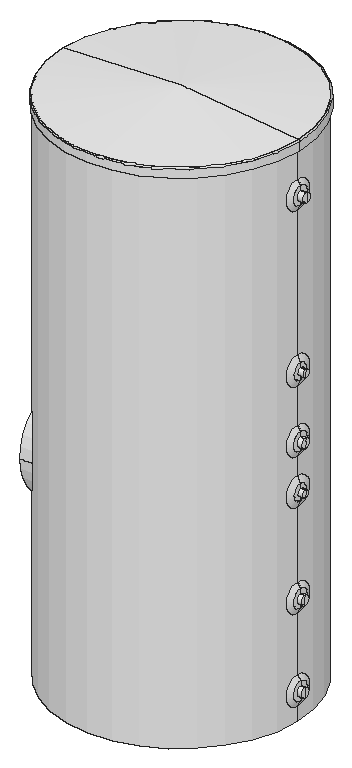
Revit family "WST-300-5B", category Specialty Equipment, Revit 2016
Family settings
  Part Type = Normal
  Round Connector Dimension = Use Diameter
  Work Plane-Based = No
  Always vertical = Yes
  Cut with Voids When Loaded = No
  Shared = No
  Room Calculation Point = No
Parameters (values of type "WST 300-5B")
  Versión = "1.0"  # constant formula
  URL = "www.bosch-thermotechnology.com/es/es/comercial-e-industrial/ocs/stora-w-st--5-742030-p"
  Tª máxima agua caliente = "95 ºC"
  Tiempo calentamiento con potencia nominal = "12 min"
  Temperatura máxima intercambiador = "160 ºC"
  Superficie intercambiador = "1,3 m2"
  Radio sonda = 19 mm / 2  # 9.5 mm
  Radio salida agua caliente = 25.4 mm / 2  # 12.7 mm
  Radio retorno acumulador = 12.5 mm
  Radio puerta = A Radio_deposito + 10 mm  # 345 mm
  Radio entrada agua fría = 25.4 mm / 2  # 12.7 mm
  Radio circulación = 19.1 mm / 2  # 9.55 mm
  Radio Impulsión acumulador = 25.4 mm / 2  # 12.7 mm
  Presión nominal máxima = "7,8 bar"
  Presión máxima intercambiador = "16 bar"
  Presión de servicio máxima del agua potable = "10 bar"
  Presión de prueba máxima del agua caliente = "10 bar"
  Potencia máxima de calentamiento = "36,5 kW"
  Potencia continua (80ºC imp./45ºC salida ACS/10ºC Suministro) = "36,5 kW"
  PlasticArea = Bosch_160-160-160
  Peso en vacío = "105 kg"
  Model = "WST 300-5B"
  Manufacturer = "BOSCH"  # constant formula
  J = 1850 mm
  I = 1355 mm
  H = 903 mm
  G = 722 mm
  F = 318 mm
  E = 80 mm
  Description = "Interacumulador de agua caliente sanitaria de 300 litros de capacidad, modelo WST 300-5B"
  D Altura tanque = 1495 mm
  Contenido intercambiador = "8,8 l"
  Contenido = "300 l"
  Consumo térmico según DIN 4753 = "1,94 kWh/24 h"
  Conexión recirculación = "R3/4\""
  Conexión agua fría = "R1\""
  Conexión agua caliente = "R1\""
  Clase de eficiencia energética de caldeo = "B"
  Caudal máximo entrada agua fría = "30 l/min"
  Autor = "6d ingenieros"  # constant formula
  Agua caliente útil Tª salida 45 ºC = "429 l"
  Agua caliente útil Tª salida 40ºC = "500 l"
  A Radio_deposito = 335 mm
  C Altura patas [instance] = 10 mm
Reference planes
  plane 1 "Center (Front/Back)": y = 0
  plane 2: z = 0
  plane 3 "Center (Left/Right)": x = 0
  plane 4: z = 10
  plane 5: z = 1365
  plane 6: z = 913
  plane 7: z = 732
  plane 8: z = 328
  plane 9: z = 90
  plane 10: z = 1850
Forms (mm)
  Extrusion 1, solid, material "Bosch_240-240-240"
    sketch origin (0, 0, 0) x (1, 0, 0) y (0, 1, 0)
      loop
        circle (0, 0) r 335
    from 10 to 1505
  Revolve 2, solid, material "Bosch_240-240-240"
    sketch origin (0, 0, 0) x (1, 0, 0) y (0, 0, 1)
      loop
        line (334.975, 103.666) -> (342.475, 103.666) -> (342.475, 115.2) -> (334.975, 130) -> (334.975, 103.666)
      loop
        line (334.975, 102.7) -> (334.975, 90) -> (355.478, 90) -> (355.478, 102.7) -> (334.975, 102.7)
      axis (334.975, 90) -> (355.478, 90)
    angle from 0 to 360
  Revolve 3, solid, material "Bosch_240-240-240"
    sketch origin (0, 0, 238) x (1, 0, 0) y (0, 0, 1)
      loop
        line (334.975, 103.466) -> (342.475, 103.466) -> (342.475, 115) -> (334.975, 130) -> (334.975, 103.466)
      loop
        line (334.975, 102.5) -> (334.975, 90) -> (355.478, 90) -> (355.478, 102.5) -> (334.975, 102.5)
      axis (334.975, 90) -> (355.478, 90)
    angle from 0 to 360
  Revolve 4, solid, material "Bosch_240-240-240"
    sketch origin (0, 0, 642) x (1, 0, 0) y (0, 0, 1)
      loop
        line (334.975, 103.666) -> (342.475, 103.666) -> (342.475, 115.2) -> (334.975, 130) -> (334.975, 103.666)
      loop
        line (334.975, 102.7) -> (334.975, 90) -> (357.62, 90) -> (357.62, 102.7) -> (334.975, 102.7)
      axis (334.975, 90) -> (357.62, 90)
    angle from 0 to 360
  Revolve 5, solid, material "Bosch_240-240-240"
    sketch origin (0, 0, 823) x (1, 0, 0) y (0, 0, 1)
      loop
        line (334.975, 100.516) -> (342.475, 100.516) -> (342.475, 112.05) -> (334.975, 130) -> (334.975, 100.516)
      loop
        line (334.975, 99.55) -> (334.975, 90) -> (358.691, 90) -> (358.691, 99.55) -> (334.975, 99.55)
      axis (334.975, 90) -> (358.691, 90)
    angle from 0 to 360
  Revolve 6, solid, material "Bosch_240-240-240"
    sketch origin (0, 0, 1275) x (1, 0, 0) y (0, 0, 1)
      loop
        line (334.975, 103.666) -> (342.475, 103.666) -> (342.475, 115.2) -> (334.975, 130) -> (334.975, 103.666)
      loop
        line (334.975, 102.7) -> (334.975, 90) -> (359.611, 90) -> (359.611, 102.7) -> (334.975, 102.7)
      axis (334.975, 90) -> (359.611, 90)
    angle from 0 to 360
  Revolve 7, solid, material "Bosch_240-240-240"
    sketch origin (0, 0, 0) x (1, 0, 0) y (0, 0, 1)
      loop
        line (0, 1479.681) -> (340, 1479.681) -> (340, 1502.378)
        arc (340, 1502.378) -> (339.153, 1504.632) -> (337.032, 1505.771) r 3.423
        arc (337.032, 1505.771) -> (168.891, 1522.861) -> (0, 1529.146) r 2637.089
        line (0, 1529.146) -> (0, 1479.681)
      axis (0, 1479.681) -> (0, 1529.146)
    angle from 0 to 360
  Extrusion 8, solid, material "Bosch_240-240-240"
    sketch origin (0, 0, 0) x (1, 0, 0) y (0, 1, 0)
      loop
        circle (-170, 0) r 40
      loop
        circle (83.75, 145.059) r 40
      loop
        circle (83.75, -145.059) r 40
    from 0 to 10
  Extrusion 9, solid, material "Bosch_160-160-160" <- "PlasticArea"
    sketch origin (-306.159, -1695.913, -1672.36) x (-0.00451, -0.000031, 0.99999) y (-0.006964, 0.999976, 0)
      loop
        circle (2915.573, 1756.393) r 16.5
      loop
        circle (2915.573, 1756.393) r 14.5
      loop
        arc (2925.722, 1762.795) -> (2915.573, 1768.393) -> (2905.424, 1762.795) r 12
        arc (2905.424, 1762.795) -> (2905.409, 1762.287) -> (2905.846, 1762.028) r 0.5
        line (2905.846, 1762.028) -> (2910.621, 1762.028) -> (2910.621, 1750.856) -> (2905.784, 1750.856)
        arc (2905.784, 1750.856) -> (2905.348, 1750.6) -> (2905.359, 1750.094) r 0.5
        arc (2905.359, 1750.094) -> (2915.573, 1744.393) -> (2925.787, 1750.094) r 12
        arc (2925.787, 1750.094) -> (2925.798, 1750.6) -> (2925.361, 1750.856) r 0.5
        line (2925.361, 1750.856) -> (2920.525, 1750.856) -> (2920.525, 1762.028) -> (2925.3, 1762.028)
        arc (2925.3, 1762.028) -> (2925.737, 1762.287) -> (2925.722, 1762.795) r 0.5
      loop
        line (2918.025, 1750.856) -> (2918.025, 1762.028) -> (2912.871, 1762.028) -> (2912.871, 1750.856) -> (2918.025, 1750.856)
      loop
        line (2909.206, 1764.114) -> (2921.958, 1764.114)
        arc (2921.958, 1764.114) -> (2915.582, 1766.408) -> (2909.206, 1764.114) r 10.01
      loop
        arc (2909.115, 1748.734) -> (2915.552, 1746.391) -> (2921.988, 1748.734) r 10.015
        line (2921.988, 1748.734) -> (2909.115, 1748.734)
      loop
        line (2904.189, 1723.669) -> (2904.189, 1711.064)
        arc (2904.189, 1711.064) -> (2908.987, 1705.609) -> (2915.01, 1709.671) r 5.5
        arc (2915.01, 1709.671) -> (2915.449, 1710.042) -> (2915.948, 1709.754) r 0.5
        arc (2915.948, 1709.754) -> (2922.122, 1706.692) -> (2926.439, 1712.064) r 5.5
        line (2926.439, 1712.064) -> (2926.439, 1723.669) -> (2904.189, 1723.669)
      loop
        line (2904.189, 1626.169) -> (2926.439, 1626.169) -> (2926.439, 1631.064) -> (2917.692, 1631.064) -> (2917.692, 1638.064) -> (2926.439, 1638.064) -> (2926.439, 1643.564) -> (2904.189, 1643.564) -> (2904.189, 1638.064) -> (2913.692, 1638.064) -> (2913.692, 1631.064) -> (2904.189, 1631.064) -> (2904.189, 1626.169)
      loop
        line (2921.692, 1718.564) -> (2917.692, 1718.564) -> (2917.692, 1714.064)
        arc (2917.692, 1714.064) -> (2919.692, 1712.064) -> (2921.692, 1714.064) r 2
        line (2921.692, 1714.064) -> (2921.692, 1718.564)
      loop
        line (2913.692, 1718.564) -> (2908.689, 1718.564) -> (2908.689, 1714.064)
        arc (2908.689, 1714.064) -> (2911.191, 1711.562) -> (2913.692, 1714.064) r 2.501
        line (2913.692, 1714.064) -> (2913.692, 1718.564)
      loop
        line (2918.904, 1650.377) -> (2921.767, 1645.947)
        spline (2921.767, 1645.947) -> (2924.895, 1649.011) -> (2926.367, 1652.953) -> (2925.927, 1657.092) -> (2923.653, 1660.713) -> (2919.937, 1663.189) -> (2915.422, 1664.093) -> (2910.888, 1663.267) -> (2907.119, 1660.856) -> (2904.768, 1657.276) -> (2904.239, 1653.145) -> (2905.626, 1649.178) -> (2908.687, 1646.061)
        line (2908.687, 1646.061) -> (2911.812, 1650.332)
        spline (2911.812, 1650.332) -> (2909.924, 1651.808) -> (2908.998, 1653.751) -> (2909.196, 1655.815) -> (2910.485, 1657.632) -> (2912.635, 1658.879) -> (2915.262, 1659.332) -> (2917.898, 1658.912) -> (2920.074, 1657.693) -> (2921.402, 1655.893) -> (2921.645, 1653.831) -> (2920.759, 1651.877) -> (2918.904, 1650.377)
      loop
        spline (2904.189, 1694.564) -> (2904.568, 1691.975) -> (2905.68, 1689.564) -> (2907.448, 1687.493) -> (2909.752, 1685.903) -> (2912.435, 1684.904) -> (2915.314, 1684.564) -> (2918.194, 1684.904) -> (2920.877, 1685.903) -> (2923.181, 1687.493) -> (2924.949, 1689.564) -> (2926.06, 1691.975) -> (2926.439, 1694.564)
        spline (2926.439, 1694.564) -> (2926.06, 1697.152) -> (2924.949, 1699.564) -> (2923.181, 1701.635) -> (2920.877, 1703.224) -> (2918.194, 1704.223) -> (2915.314, 1704.564) -> (2912.435, 1704.223) -> (2909.752, 1703.224) -> (2907.448, 1701.635) -> (2905.68, 1699.564) -> (2904.568, 1697.152) -> (2904.189, 1694.564)
      loop
        spline (2908.936, 1694.564) -> (2909.154, 1693.338) -> (2909.791, 1692.196) -> (2910.804, 1691.216) -> (2912.125, 1690.463) -> (2913.663, 1689.99) -> (2915.314, 1689.829) -> (2916.965, 1689.99) -> (2918.503, 1690.463) -> (2919.824, 1691.216) -> (2920.838, 1692.196) -> (2921.475, 1693.338) -> (2921.692, 1694.564)
        spline (2921.692, 1694.564) -> (2921.475, 1695.789) -> (2920.838, 1696.931) -> (2919.824, 1697.912) -> (2918.503, 1698.664) -> (2916.965, 1699.137) -> (2915.314, 1699.298) -> (2913.663, 1699.137) -> (2912.125, 1698.664) -> (2910.804, 1697.912) -> (2909.791, 1696.931) -> (2909.154, 1695.789) -> (2908.936, 1694.564)
      loop
        line (2920.044, 1669.973) -> (2923.326, 1666.69)
        spline (2923.326, 1666.69) -> (2923.803, 1667.235) -> (2924.244, 1667.811) -> (2924.65, 1668.414) -> (2925.017, 1669.043) -> (2925.345, 1669.695) -> (2925.632, 1670.367) -> (2925.876, 1671.057) -> (2926.078, 1671.762) -> (2926.235, 1672.478) -> (2926.349, 1673.203) -> (2926.417, 1673.935) -> (2926.439, 1674.669)
        spline (2926.439, 1674.669) -> (2925.183, 1678.841) -> (2923.495, 1680.911) -> (2921.713, 1681.899) -> (2919.832, 1682.202) -> (2918.073, 1681.899) -> (2916.453, 1680.963) -> (2915.059, 1679.233) -> (2914, 1676.685) -> (2913.231, 1674.13) -> (2912.5, 1672.296) -> (2911.212, 1671.268) -> (2908.973, 1672.704)
        spline (2908.973, 1672.704) -> (2908.813, 1673.366) -> (2908.718, 1674.04) -> (2908.689, 1674.719) -> (2908.728, 1675.399) -> (2908.832, 1676.071) -> (2909.002, 1676.73) -> (2909.236, 1677.37) -> (2909.531, 1677.984) -> (2909.885, 1678.567) -> (2910.294, 1679.113) -> (2910.755, 1679.618) -> (2911.262, 1680.075)
        line (2911.262, 1680.075) -> (2908.245, 1683.549)
        spline (2908.245, 1683.549) -> (2907.482, 1682.836) -> (2906.785, 1682.053) -> (2906.162, 1681.207) -> (2905.617, 1680.305) -> (2905.155, 1679.355) -> (2904.78, 1678.365) -> (2904.494, 1677.344) -> (2904.302, 1676.299) -> (2904.203, 1675.241) -> (2904.199, 1674.177) -> (2904.291, 1673.118) -> (2904.477, 1672.072)
        spline (2904.477, 1672.072) -> (2905.432, 1669.79) -> (2906.707, 1668.257) -> (2908.098, 1667.308) -> (2909.46, 1666.796) -> (2910.751, 1666.606) -> (2911.941, 1666.628) -> (2913.007, 1666.803) -> (2913.938, 1667.111) -> (2914.797, 1667.63) -> (2915.742, 1668.573) -> (2916.789, 1670.327) -> (2917.692, 1673.565)
        spline (2917.692, 1673.565) -> (2917.908, 1674.592) -> (2918.247, 1675.4) -> (2918.664, 1676.008) -> (2919.114, 1676.44) -> (2919.553, 1676.717) -> (2919.961, 1676.86) -> (2920.347, 1676.892) -> (2920.718, 1676.834) -> (2921.082, 1676.704) -> (2921.409, 1676.419) -> (2921.635, 1675.802) -> (2921.692, 1674.669)
        spline (2921.692, 1674.669) -> (2921.68, 1674.24) -> (2921.644, 1673.813) -> (2921.585, 1673.389) -> (2921.502, 1672.97) -> (2921.395, 1672.558) -> (2921.266, 1672.153) -> (2921.114, 1671.757) -> (2920.941, 1671.373) -> (2920.746, 1671.001) -> (2920.531, 1670.643) -> (2920.297, 1670.299) -> (2920.044, 1669.973)
    from -5.549 to 3.943
  Revolve 10, solid, material "Bosch_240-240-240"
    sketch origin (0, 0, 512) x (1, 0, 0) y (0, 0, 1)
      loop
        line (334.975, 100.466) -> (342.475, 100.466) -> (342.475, 112) -> (334.975, 130) -> (334.975, 100.466)
      loop
        line (334.975, 99.5) -> (334.975, 90) -> (357.378, 90) -> (357.378, 99.5) -> (334.975, 99.5)
      axis (334.975, 90) -> (357.378, 90)
    angle from 0 to 360
  Extrusion 11, solid, material "Bosch_240-240-240"
    sketch origin (0, 0, 0) x (0, 1, 0) y (0, 0, 1)
      loop
        circle (13.106, 500.373) r 145.205
    from -356.91 to -265.243
Dimensions and locks
  "C Altura patas": plane 4 to level
  "D Altura tanque": Extrusion 1 to plane 4
  "J": plane 10 to plane 2
  "E": plane 9 to plane 4
  "F": plane 8 to plane 4
  "G": plane 7 to plane 4
  "H": plane 6 to plane 4
  "I": plane 5 to plane 4
  locked: Extrusion 1 to Revolve 7 sketch curve at 25.319
  locked: Revolve 7 sketch curve to Extrusion 1 at 24.146
  locked: plane 7 to Revolve 10 sketch curve at 130
  "Radio salida agua caliente": Revolve 6 sketch curve to plane 5
  locked: Revolve 6 sketch curve to Revolve 6 sketch curve at 0.966
  "Radio circulación": Revolve 5 sketch curve to plane 6
  locked: Revolve 5 sketch curve to Revolve 5 sketch curve at 0.966
  "Radio Impulsión acumulador": Revolve 4 sketch curve to plane 7
  locked: Revolve 4 sketch curve to Revolve 4 sketch curve at 0.966
  "Radio entrada agua fría": Revolve 2 sketch curve to plane 9
  locked: Revolve 2 sketch curve to Revolve 2 sketch curve at 0.966
  locked: Revolve 10 sketch curve to Revolve 10 sketch curve at 0.966
  "Radio sonda": Revolve 10 sketch curve to Revolve 10 sketch curve
  "Radio retorno acumulador": Revolve 3 sketch curve to plane 8
  locked: Revolve 3 sketch curve to Revolve 3 sketch curve at 0.966
  "A Radio_deposito": radius of Extrusion 1 sketch curve
  aligned and locked: level to plane 2
  aligned and locked: Extrusion 1 to plane 4
  aligned and locked: Revolve 2 sketch curve to plane 9
  aligned and locked: Revolve 3 sketch curve to plane 8
  aligned and locked: Revolve 4 sketch curve to plane 7
  aligned and locked: Revolve 5 sketch curve to plane 6
  aligned and locked: Revolve 6 sketch curve to plane 5
  aligned and locked: Extrusion 8 to Extrusion 1
  aligned and locked: Extrusion 8 to level
  aligned and locked: Revolve 10 sketch curve to Revolve 10 sketch curve
Automatic sketch dimensions
  Revolve 7 sketch curve to plane 3 "Center (Left/Right)" = 0 mm  (x2)
  Revolve 7 sketch curve to plane 3 "Center (Left/Right)" = 13.57 mm
  plane 5 to Revolve 7 sketch curve = 137.378 mm
  plane 3 "Center (Left/Right)" to Revolve 7 sketch curve = 336.577 mm
  Revolve 7 sketch curve to Revolve 7 sketch curve = 3.423 mm
  Revolve 7 sketch curve to level = 1107.908 mm
  plane 5 to Revolve 7 sketch curve = 54.681 mm
  Revolve 7 sketch curve to Revolve 7 sketch curve = 110.535 mm
  plane 1 "Center (Front/Back)" to Extrusion 8 sketch curve = 0 mm
  Extrusion 8 sketch curve to plane 3 "Center (Left/Right)" = 170 mm
  plane 3 "Center (Left/Right)" to Extrusion 8 sketch curve = 83.75 mm  (x2)
  plane 1 "Center (Front/Back)" to Extrusion 8 sketch curve = 145.059 mm
  Extrusion 8 sketch curve to plane 1 "Center (Front/Back)" = 145.059 mm
  Extrusion 9 sketch curve to Extrusion 9 sketch curve = 0 mm  (x27)
  Extrusion 9 sketch curve to Extrusion 9 sketch curve = 0.287 mm  (x2)
  Extrusion 9 sketch curve to Extrusion 9 sketch curve = 1.595 mm
  Extrusion 9 sketch curve to Extrusion 9 sketch curve = 0.062 mm
  Extrusion 9 sketch curve to Extrusion 9 sketch curve = 3.768 mm
  Extrusion 9 sketch curve to Extrusion 9 sketch curve = 4.498 mm
  Extrusion 9 sketch curve to Extrusion 9 sketch curve = 4.5 mm  (x2)
  Extrusion 9 sketch curve to Extrusion 9 sketch curve = 4.497 mm
  Extrusion 9 sketch curve to Extrusion 9 sketch curve = 3.331 mm
  Extrusion 9 sketch curve to Extrusion 9 sketch curve = 3.359 mm
  Extrusion 9 sketch curve to Extrusion 9 sketch curve = 1 mm
  Extrusion 9 sketch curve to Extrusion 9 sketch curve = 1.506 mm
  Extrusion 9 sketch curve to Extrusion 9 sketch curve = 2.501 mm
  Extrusion 9 sketch curve to Extrusion 9 sketch curve = 3.018 mm
  Extrusion 9 sketch curve to Extrusion 9 sketch curve = 3.124 mm
  Extrusion 9 sketch curve to Extrusion 9 sketch curve = 2.25 mm
  Extrusion 9 sketch curve to Extrusion 9 sketch curve = 5.005 mm
  Extrusion 9 sketch curve to Extrusion 9 sketch curve = 1.801 mm
  Extrusion 9 sketch curve to Extrusion 9 sketch curve = 2.681 mm
  Extrusion 9 sketch curve to Extrusion 9 sketch curve = 0.021 mm
  Extrusion 9 sketch curve to Extrusion 9 sketch curve = 0.009 mm
  Extrusion 9 sketch curve to Extrusion 9 sketch curve = 8.719 mm
  Extrusion 9 sketch curve to Extrusion 9 sketch curve = 4 mm  (x3)
  Extrusion 9 sketch curve to Extrusion 9 sketch curve = 3.963 mm
  Extrusion 9 sketch curve to Extrusion 9 sketch curve = 7.092 mm
  Extrusion 9 sketch curve to Extrusion 9 sketch curve = 2 mm  (x2)
  Extrusion 9 sketch curve to Extrusion 9 sketch curve = 2.351 mm
  Extrusion 9 sketch curve to Extrusion 9 sketch curve = 2.5 mm
  Extrusion 9 sketch curve to Extrusion 9 sketch curve = 0.753 mm
  Extrusion 9 sketch curve to Extrusion 9 sketch curve = 2.863 mm
  Extrusion 9 sketch curve to Extrusion 9 sketch curve = 3.282 mm  (x2)
  Extrusion 9 sketch curve to Extrusion 9 sketch curve = 3.341 mm
  Extrusion 9 sketch curve to Extrusion 9 sketch curve = 3.374 mm
  Extrusion 9 sketch curve to Extrusion 9 sketch curve = 8.747 mm
  Extrusion 9 sketch curve to Extrusion 9 sketch curve = 4.747 mm  (x4)
  Extrusion 9 sketch curve to Extrusion 9 sketch curve = 4.672 mm
  Extrusion 9 sketch curve to Extrusion 9 sketch curve = 4.895 mm
  Extrusion 9 sketch curve to Extrusion 9 sketch curve = 7 mm
  Extrusion 9 sketch curve to Extrusion 9 sketch curve = 5.5 mm
  Extrusion 9 sketch curve to Extrusion 9 sketch curve = 2.384 mm
  Extrusion 9 sketch curve to Extrusion 9 sketch curve = 2.497 mm
  Extrusion 9 sketch curve to Extrusion 9 sketch curve = 4.271 mm
  Extrusion 9 sketch curve to Extrusion 9 sketch curve = 4.43 mm
  Extrusion 9 sketch curve to Extrusion 9 sketch curve = 16.313 mm
  Extrusion 9 sketch curve to Extrusion 9 sketch curve = 2.1 mm
  Extrusion 9 sketch curve to Extrusion 9 sketch curve = 0.632 mm
  Extrusion 9 sketch curve to Extrusion 9 sketch curve = 3.592 mm
  Extrusion 9 sketch curve to Extrusion 9 sketch curve = 4.696 mm
  Extrusion 9 sketch curve to Extrusion 9 sketch curve = 1.104 mm
  Extrusion 9 sketch curve to Extrusion 9 sketch curve = 5.406 mm
  Extrusion 9 sketch curve to Extrusion 9 sketch curve = 3.474 mm
  Extrusion 9 sketch curve to Extrusion 9 sketch curve = 25.996 mm
  Extrusion 9 sketch curve to Extrusion 9 sketch curve = 1.519 mm
  Extrusion 9 sketch curve to Extrusion 9 sketch curve = 2.519 mm
  Extrusion 9 sketch curve to Extrusion 9 sketch curve = 3 mm
  Extrusion 9 sketch curve to Extrusion 9 sketch curve = 5.105 mm
  Extrusion 9 sketch curve to Extrusion 9 sketch curve = 25.065 mm
  Extrusion 9 sketch curve to Extrusion 9 sketch curve = 1.623 mm  (x2)
  Extrusion 9 sketch curve to Extrusion 9 sketch curve = 2.123 mm  (x2)
  Extrusion 9 sketch curve to Extrusion 9 sketch curve = 5.536 mm
  Extrusion 9 sketch curve to Extrusion 9 sketch curve = 0.005 mm
  Extrusion 9 sketch curve to Extrusion 9 sketch curve = 0.013 mm
  Extrusion 9 sketch curve to Extrusion 9 sketch curve = 5.63 mm
  Extrusion 9 sketch curve to Extrusion 9 sketch curve = 5.622 mm
  Extrusion 9 sketch curve to Extrusion 9 sketch curve = 0.5 mm  (x2)
  Extrusion 9 sketch curve to Extrusion 9 sketch curve = 2.086 mm
  Extrusion 9 sketch curve to Extrusion 9 sketch curve = 4.056 mm
  Extrusion 9 sketch curve to Extrusion 9 sketch curve = 7.622 mm
  Extrusion 9 sketch curve to Extrusion 9 sketch curve = 0.284 mm
  Extrusion 9 sketch curve to Extrusion 9 sketch curve = 0.247 mm
  Extrusion 9 sketch curve to Extrusion 9 sketch curve = 6.378 mm
  Extrusion 9 sketch curve to Extrusion 9 sketch curve = 3.503 mm
  Extrusion 9 sketch curve to Extrusion 9 sketch curve = 0.433 mm
  Extrusion 9 sketch curve to Extrusion 9 sketch curve = 11.015 mm
  Extrusion 11 sketch curve to plane 1 "Center (Front/Back)" = 13.106 mm
  plane 8 to Extrusion 11 sketch curve = 172.373 mm
  plane 1 "Center (Front/Back)" to Extrusion 1 sketch curve = 0 mm
  Extrusion 1 sketch curve to plane 3 "Center (Left/Right)" = 0 mm
  Revolve 2 sketch curve to plane 9 = 0 mm
  plane 9 to Revolve 2 sketch curve = 40 mm
  plane 3 "Center (Left/Right)" to Revolve 2 sketch curve = 334.975 mm
  Revolve 2 sketch curve to Revolve 2 sketch curve = 0 mm
  Revolve 2 sketch curve to Revolve 2 sketch curve = 7.5 mm
  Revolve 2 sketch curve to Revolve 2 sketch curve = 13.002 mm
  Revolve 2 sketch curve to Revolve 2 sketch curve = 11.534 mm
  Revolve 2 sketch curve to Revolve 2 sketch curve = 5 mm
  Revolve 2 sketch curve to Revolve 2 sketch curve = 24.498 mm
  Revolve 3 sketch curve to plane 8 = 0 mm
  plane 8 to Revolve 3 sketch curve = 40 mm
  plane 3 "Center (Left/Right)" to Revolve 3 sketch curve = 334.975 mm
  Revolve 3 sketch curve to Revolve 3 sketch curve = 0 mm
  Revolve 3 sketch curve to Revolve 3 sketch curve = 7.5 mm
  Revolve 3 sketch curve to Revolve 3 sketch curve = 13.002 mm
  Revolve 3 sketch curve to Revolve 3 sketch curve = 11.534 mm
  Revolve 3 sketch curve to Revolve 3 sketch curve = 5 mm
  Revolve 3 sketch curve to Revolve 3 sketch curve = 24.498 mm
  Revolve 4 sketch curve to plane 7 = 0 mm
  plane 7 to Revolve 4 sketch curve = 40 mm
  plane 3 "Center (Left/Right)" to Revolve 4 sketch curve = 334.975 mm
  Revolve 4 sketch curve to Revolve 4 sketch curve = 0 mm
  Revolve 4 sketch curve to Revolve 4 sketch curve = 7.5 mm
  Revolve 4 sketch curve to Revolve 4 sketch curve = 15.144 mm
  Revolve 4 sketch curve to Revolve 4 sketch curve = 11.534 mm
  Revolve 4 sketch curve to Revolve 4 sketch curve = 5 mm
  Revolve 4 sketch curve to Revolve 4 sketch curve = 22.356 mm
  Revolve 5 sketch curve to plane 6 = 0 mm
  plane 6 to Revolve 5 sketch curve = 40 mm
  plane 3 "Center (Left/Right)" to Revolve 5 sketch curve = 334.975 mm
  Revolve 5 sketch curve to Revolve 5 sketch curve = 0 mm
  Revolve 5 sketch curve to Revolve 5 sketch curve = 7.5 mm
  Revolve 5 sketch curve to Revolve 5 sketch curve = 16.215 mm
  Revolve 5 sketch curve to Revolve 5 sketch curve = 11.534 mm
  Revolve 5 sketch curve to Revolve 5 sketch curve = 5 mm
  Revolve 5 sketch curve to Revolve 5 sketch curve = 21.285 mm
  Revolve 6 sketch curve to plane 5 = 0 mm
  plane 5 to Revolve 6 sketch curve = 40 mm
  plane 3 "Center (Left/Right)" to Revolve 6 sketch curve = 334.975 mm
  Revolve 6 sketch curve to Revolve 6 sketch curve = 0 mm
  Revolve 6 sketch curve to Revolve 6 sketch curve = 7.5 mm
  Revolve 6 sketch curve to Revolve 6 sketch curve = 17.136 mm
  Revolve 6 sketch curve to Revolve 6 sketch curve = 11.534 mm
  Revolve 6 sketch curve to Revolve 6 sketch curve = 5 mm
  Revolve 6 sketch curve to Revolve 6 sketch curve = 20.364 mm
  Revolve 10 sketch curve to plane 7 = 90 mm
  plane 3 "Center (Left/Right)" to Revolve 10 sketch curve = 334.975 mm
  Revolve 10 sketch curve to Revolve 10 sketch curve = 0 mm
  Revolve 10 sketch curve to Revolve 10 sketch curve = 7.5 mm
  Revolve 10 sketch curve to Revolve 10 sketch curve = 14.903 mm
  Revolve 10 sketch curve to Revolve 10 sketch curve = 11.534 mm
  Revolve 10 sketch curve to Revolve 10 sketch curve = 5 mm
  Revolve 10 sketch curve to Revolve 10 sketch curve = 22.597 mm
  radius of Extrusion 8 sketch curve = 40 mm  (x3)
  radius of Extrusion 9 sketch curve = 16.5 mm
  radius of Extrusion 9 sketch curve = 14.5 mm
  radius of Extrusion 11 sketch curve = 145.205 mm
Connectors
  piping at (359.611, 0, 1365), diameter 25
    settings: on Revolve 6, index 1, connector inside diameter 609.6 mm, connector length 0 mm, flow factor 0, pipe flow 0.0 L/s, pressure drop 0.0 Pa, fitting loss kfactor 0, connector angle 0.00°, fixture units 0, engagement length 0 mm, angle of deflection 0.00°, flow configuration 0, flow direction 2, fitting loss method 0, system type 19, joint type 0, gender type 0, connector reference index -1, connector utility 0, adjustable connector no, is connector primary yes, connector description "Salida agua caliente"
  piping at (358.691, 0, 913), diameter 20
    settings: on Revolve 5, index 2, connector inside diameter 609.6 mm, connector length 0 mm, flow factor 0, pipe flow 0.0 L/s, pressure drop 0.0 Pa, fitting loss kfactor 0, connector angle 0.00°, fixture units 0, engagement length 0 mm, angle of deflection 0.00°, flow configuration 0, flow direction 1, fitting loss method 0, system type 22, joint type 0, gender type 0, connector reference index -1, connector utility 0, adjustable connector no, is connector primary no, connector description "Recirculación ACS"
  piping at (357.62, 0, 732), diameter 25
    settings: on Revolve 4, index 3, connector inside diameter 609.6 mm, connector length 0 mm, flow factor 0, pipe flow 0.0 L/s, pressure drop 0.0 Pa, fitting loss kfactor 0, connector angle 0.00°, fixture units 0, engagement length 0 mm, angle of deflection 0.00°, flow configuration 0, flow direction 1, fitting loss method 0, system type 7, joint type 0, gender type 0, connector reference index -1, connector utility 0, adjustable connector no, is connector primary no, connector description "Impulsión intercambiador"
  piping at (355.478, 0, 328), diameter 25
    settings: on Revolve 3, index 5, connector inside diameter 609.6 mm, connector length 0 mm, flow factor 0, pipe flow 0.0 L/s, pressure drop 0.0 Pa, fitting loss kfactor 0, connector angle 0.00°, fixture units 0, engagement length 0 mm, angle of deflection 0.00°, flow configuration 0, flow direction 2, fitting loss method 0, system type 8, joint type 0, gender type 0, connector reference index -1, connector utility 0, adjustable connector no, is connector primary no, connector description "Retorno intercambiador"
  piping at (355.478, 0, 90), diameter 25
    settings: on Revolve 2, index 6, connector inside diameter 609.6 mm, connector length 0 mm, flow factor 0, pipe flow 0.0 L/s, pressure drop 0.0 Pa, fitting loss kfactor 0, connector angle 0.00°, fixture units 0, engagement length 0 mm, angle of deflection 0.00°, flow configuration 0, flow direction 1, fitting loss method 0, system type 20, joint type 0, gender type 0, connector reference index -1, connector utility 0, adjustable connector no, is connector primary no, connector description "Entrada agua fría"
